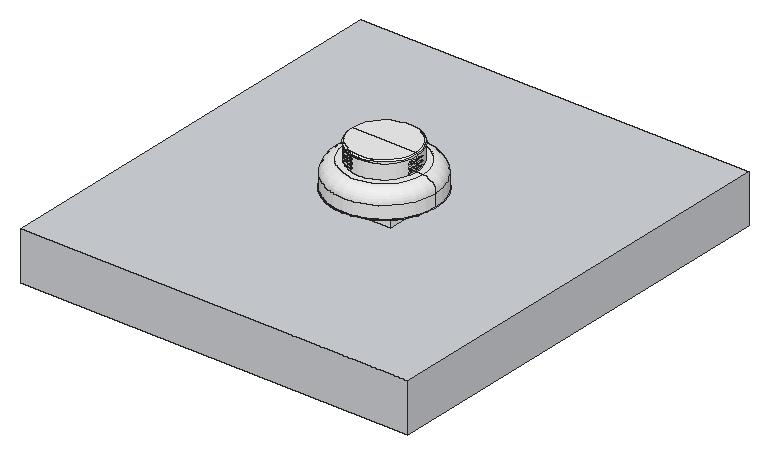
Revit family "Roof-Ventilator_VEDK_Direct-Drive_Carnes", category Mechanical Equipment, host Face, Revit 2012
Parameters (values of type "VEDK06")
  ecoScorecard_data = ""
  ecoScorecard Product Page = "http://ecoscorecard.com/"
  Warranty URL = "http://www.carnes.com/GeneralCatalogs/termcond.pdf"
  Warranty = ""
  Unit Weight (Less Motor) = "30 Lbs."
  Tip Speed = "2.75 x RPM"
  Roof Opening Sq. = 13"
  Roof Curb O.D. Sq. = 14"
  Housing Radius = Unit Diameter / 2  # 12 7/8"
  Unit Height Standard = 13 3/8"
  Unit Height Extended = 23 7/8"
  Unit Diameter = 25 3/4"
  Housing = Aluminum-Carnes-Spun-Brushed
  URL = "http://www.carnes.com/index.html"
  Subcategory = "Spun Aluminum Exhausters"  # constant formula
  Specifications URL = "http://www.carnes.com/Ventilation/pdf/22201.pdf"
  Product Page URL = "http://www.carnes.com/Ventilation/VEBK-VEDK.htm"
  Parts List URL = "http://www.carnes.com/Ventilation/pdf/22001.pdf"
  Model = "VEDK"
  Material = "Spun Aluminum"  # constant formula
  Manufacturer Phone = "608-845-6411"  # constant formula
  Manufacturer Fax = "608-845-6470"  # constant formula
  Manufacturer Email = "mailto:carnes@carnes.com"
  Manufacturer Address = "448 S. Main St., P. O. Box 930040, Verona, WI 53593-0040"  # constant formula
  Manufacturer = "Carnes Company"
  Inside Curb Cap = 15 1/2"
  IOM Instructions URL = "http://www.carnes.com/Ventilation/pdf/1401.pdf"
  E = 2 7/8"
  Description = "Centrifugal Roof Exhausters"  # constant formula
  Default Elevation = 0"
  Damper Size Sq. = 12"
  Cost Info = "mailto:carnes@carnes.com"
  Catalog URL = "http://www.carnes.com/Ventilation/pdf/C10-C44.pdf"
  Assembly Code = "D3040200"
  95 CSI = "15830"  # constant formula
  04 CSI = "23 34 23"  # constant formula
Reference planes (in)
  plane 1 "Center (Front/Back)": y = 0
  plane 2: z = 0.01382
  plane 3 "Center (Left/Right)": x = 0
  plane 4: x = -12.875
  plane 5: x = 12.875
  plane 6: z = 0.01382
  plane 7: x = 5.5
  plane 8: x = -5.5
  plane 9: x = -7.75
  plane 10: x = 7.75
  plane 11: z = 0.01382
  plane 12: z = 2.88882
  plane 13: z = 13.38882
  plane 14: x = 8
  plane 15: y = 0
  plane 16: through (0, 0, 48.01382) normal (0.866, -0.5, 0)
  plane 17: through (0, 0, 48.01382) normal (-0.866, -0.5, 0)
Forms (in)
  Extrusion 1, solid
    sketch origin (0, 0, 0.01382) x (1, 0, 0) y (0, 1, 0)
      loop
        line (-48, 52.75) -> (-48, -52.75) -> (48, -52.75) -> (48, 52.75) -> (-48, 52.75)
    from 0 to -12
  Revolve 2, solid, material "Aluminum-Carnes-Spun-Brushed" <- "Housing", detail levels fine
    sketch origin (-1.0625, 0, -5.34736) x (1, 0, 0) y (0, 0, 1)
      loop
        line (-11.625, 8.3314) -> (-11.8125, 8.3314) -> (-11.8125, 8.23618) -> (-11.625, 8.23618) -> (-11.5, 8.23618) -> (-11.5, 11.3453)
        arc (-11.5, 11.3453) -> (-10.63963, 13.42243) -> (-8.5625, 14.2828) r 2.9375
        line (-8.5625, 14.2828) -> (1.0625, 14.2828) -> (1.0625, 18.23618) -> (-6.9375, 18.23618) -> (-6.9375, 14.4078) -> (-8.5625, 14.4078)
        arc (-8.5625, 14.4078) -> (-10.72801, 13.51082) -> (-11.625, 11.3453) r 3.0625
        line (-11.625, 11.3453) -> (-11.625, 8.3314)
      axis (1.0625, 18.23618) -> (1.0625, 8.23618)
    angle from 0 to 360
  Revolve 3, solid, material "Aluminum-Carnes-Spun-Brushed" <- "Housing", detail levels fine
    sketch origin (0, 0, -5.34736) x (1, 0, 0) y (0, 0, 1)
      loop
        line (-8.14642, 18.10521) -> (-8.0019, 18.10521) -> (-8.0019, 18.23618) -> (0, 18.23618) -> (0, 18.73618) -> (-7.87781, 18.73618) -> (-8.14642, 18.46757) -> (-8.14642, 18.10521)
      axis (0, 18.73618) -> (0, 18.10521)
    angle from 0 to 360
  Extrusion 4, solid, material "Aluminum-Carnes-Spun-Brushed" <- "Housing", detail levels fine
    sketch origin (0, 0, 0.01382) x (0, -1, 0) y (1, 0, 0)
      loop
        line (-7.75, -7.75) -> (7.75, -7.75) -> (7.75, 7.75) -> (-7.75, 7.75) -> (-7.75, -7.75)
    from 2.875 to 0
  Sweep 5, solid, material "Aluminum-Carnes-Spun-Brushed" <- "Housing", detail levels fine
    path origin (0, 0, 0.01382) x (-0.5, 0.866025, 0) y (-0.866025, -0.5, 0)
      loop
        line (7.57187, 2.1741) -> (7.74597, 2)
        arc (7.74597, 2) -> (8, 0) -> (7.74597, -2) r 8
        line (7.74597, -2) -> (7.57187, -2.1741)
    profile origin (-4, 6.9282, 0.01382) x (-0.5, 0.866025, 0) y (0, 0, 1)
      loop
        line (-0.00184, 12.11483) -> (-0.00184, 11.78659) -> (0.02473, 11.64986)
        arc (0.02473, 11.64986) -> (0.06144, 11.6251) -> (0.0862, 11.6618) r 0.03131
        line (0.0862, 11.6618) -> (-0.00184, 12.11483)
      loop
        line (-0.00184, 11.10852) -> (-0.00184, 10.78028) -> (0.02473, 10.64355)
        arc (0.02473, 10.64355) -> (0.06144, 10.61879) -> (0.0862, 10.6555) r 0.03131
        line (0.0862, 10.6555) -> (-0.00184, 11.10852)
      loop
        line (-0.00184, 10.10221) -> (-0.00184, 9.77397) -> (0.02473, 9.63724)
        arc (0.02473, 9.63724) -> (0.06144, 9.61248) -> (0.0862, 9.64919) r 0.03131
        line (0.0862, 9.64919) -> (-0.00184, 10.10221)
  Sweep 6, solid, material "Aluminum-Carnes-Spun-Brushed" <- "Housing", detail levels fine
    path origin (0.00435, -0.01593, 0.01382) x (1, 0.000194, 0) y (-0.000194, 1, 0)
      loop
        line (7.56943, 2.1766) -> (7.74562, 2.00034)
        arc (7.74562, 2.00034) -> (7.99562, -0.00627) -> (7.73449, -2.01147) r 8
        line (7.73449, -2.01147) -> (7.56237, -2.18352)
    profile origin (7.99997, -0.02065, 0.01382) x (0.999997, -0.002581, 0) y (0, 0, 1)
      loop
        line (-0.00184, 12.11483) -> (-0.00184, 11.78659) -> (0.02473, 11.64986)
        arc (0.02473, 11.64986) -> (0.06144, 11.6251) -> (0.0862, 11.6618) r 0.03131
        line (0.0862, 11.6618) -> (-0.00184, 12.11483)
      loop
        line (-0.00184, 11.10852) -> (-0.00184, 10.78028) -> (0.02473, 10.64355)
        arc (0.02473, 10.64355) -> (0.06144, 10.61879) -> (0.0862, 10.6555) r 0.03131
        line (0.0862, 10.6555) -> (-0.00184, 11.10852)
      loop
        line (-0.00184, 10.10221) -> (-0.00184, 9.77397) -> (0.02473, 9.63724)
        arc (0.02473, 9.63724) -> (0.06144, 9.61248) -> (0.0862, 9.64919) r 0.03131
        line (0.0862, 9.64919) -> (-0.00184, 10.10221)
  Sweep 7, solid, material "Aluminum-Carnes-Spun-Brushed" <- "Housing", detail levels fine
    path origin (-0.00286, -0.00266, 0.01382) x (-0.499874, -0.866098, 0) y (0.866098, -0.499874, 0)
      loop
        line (7.55598, 2.18998) -> (7.74133, 2.00464)
        arc (7.74133, 2.00464) -> (7.99626, -0.00045) -> (7.74052, -2.00544) r 8
        line (7.74052, -2.00544) -> (7.55568, -2.19029)
    profile origin (-4.00038, -6.92799, 0.01382) x (-0.500047, -0.865998, 0) y (0, 0, 1)
      loop
        line (-0.00184, 12.11483) -> (-0.00184, 11.78659) -> (0.02473, 11.64986)
        arc (0.02473, 11.64986) -> (0.06144, 11.6251) -> (0.0862, 11.6618) r 0.03131
        line (0.0862, 11.6618) -> (-0.00184, 12.11483)
      loop
        line (-0.00184, 11.10852) -> (-0.00184, 10.78028) -> (0.02473, 10.64355)
        arc (0.02473, 10.64355) -> (0.06144, 10.61879) -> (0.0862, 10.6555) r 0.03131
        line (0.0862, 10.6555) -> (-0.00184, 11.10852)
      loop
        line (-0.00184, 10.10221) -> (-0.00184, 9.77397) -> (0.02473, 9.63724)
        arc (0.02473, 9.63724) -> (0.06144, 9.61248) -> (0.0862, 9.64919) r 0.03131
        line (0.0862, 9.64919) -> (-0.00184, 10.10221)
Lines and regions (in)
  model lines, detail levels coarse+medium
    curve 1: circle (0, 0, 0.01382) r 12.875 normal (0, 0, -1)
Dimensions and locks (in)
  "Unit Diameter": plane 4 to plane 5
  equal spacing: plane 4, plane 3 "Center (Left/Right)", plane 5
  equal spacing: plane 7, plane 3 "Center (Left/Right)", plane 8
  plane 7 to plane 8 = 11"
  "Inside Curb Cap": plane 10 to plane 9
  equal spacing: plane 10, plane 3 "Center (Left/Right)", plane 9
  locked: plane 11 to level
  "E": level to plane 12
  "Unit Height Standard": level to plane 13
  locked: Revolve 2 sketch curve to Revolve 2 sketch curve at 0.125
  Revolve 3 sketch curve to Revolve 3 sketch curve to Revolve 2 to Revolve 3 sketch curve = 0.26861" locked, 0.23139" locked, 0.13097" locked
  locked: Revolve 3 to plane 13 at 0.5
  Revolve 3 sketch curve to Revolve 3 sketch curve to Revolve 3 sketch curve = 0.12408" locked, 37/256" locked
  locked: plane 4 to Revolve 2 sketch curve at 4.875
  locked: Revolve 3 sketch curve to plane 4 at 4.72858
  equal spacing: Extrusion 4 sketch curve, plane 1 "Center (Front/Back)", Extrusion 4 sketch curve
  "Inside Curb Cap": Extrusion 4 sketch curve to Extrusion 4 sketch curve
  "Housing Radius": plane 3 "Center (Left/Right)" to Revolve 2 sketch curve
  plane 14 to plane 10 = 1/4"
  plane 14 to plane 5 = 4 7/8"
  locked: plane 13 to Sweep 5 sketch curve at 1.26017
  locked: Sweep 5 sketch curve to Sweep 5 sketch curve at 4
  Sweep 6 sketch curve to Sweep 6 sketch curve = 4.01182"
  Sweep 7 sketch curve to Sweep 7 sketch curve = 4.01008"
  locked: plane 13 to Sweep 7 sketch curve at 1.26017
  locked: Sweep 6 sketch curve to plane 13 at 1.26017
  locked: Sweep 6 sketch curve to Sweep 6 sketch curve at 0.24337
  locked: Sweep 6 sketch curve to Sweep 6 sketch curve at 0.24923
  locked: Sweep 5 sketch curve to Sweep 5 sketch curve at 0.24621  (x2)
  locked: Sweep 7 sketch curve to Sweep 7 sketch curve at 0.26212
  locked: Sweep 7 sketch curve to Sweep 7 sketch curve at 0.26141
  Revolve 2 sketch curve to Revolve 2 sketch curve to plane 12 = 1/8" locked, 6.04662" locked
  "Housing Radius": radius of curve 1
  locked: plane 17 to plane 16 (angle 120.00°)
  locked: plane 16 to plane 15 (angle 120.00°)
  locked: plane 15 to plane 17 (angle 120.00°)
  aligned and locked: plane 2 to Extrusion 1
  aligned and locked: level to Extrusion 1
  aligned and locked: level to plane 6
  aligned and locked: Extrusion 4 to level
  aligned and locked: Extrusion 4 to plane 12
  aligned and locked: plane 14 to Revolve 2
  aligned and locked: Sweep 5 sketch curve to Revolve 2
  aligned and locked: Sweep 7 sketch curve to Revolve 2
  aligned and locked: Sweep 6 sketch curve to Revolve 2
Automatic sketch dimensions
  Extrusion 1 sketch curve to Extrusion 1 sketch curve = 96"
  Extrusion 1 sketch curve to Extrusion 1 sketch curve = 105 1/2"
  Revolve 2 sketch curve to Revolve 2 sketch curve = 0"  (x2)
  Revolve 2 sketch curve to plane 12 = 0"
  Revolve 2 sketch curve to plane 3 "Center (Left/Right)" = 0"  (x2)
  Revolve 2 sketch curve to Revolve 2 sketch curve = 3/16"
  Revolve 2 sketch curve to plane 9 = 1 7/8"
  Revolve 2 sketch curve to plane 12 = 0.09521"
  Revolve 2 sketch curve to plane 12 = 2"
  Revolve 2 sketch curve to Revolve 2 sketch curve = 1 1/4"
  plane 13 to Revolve 2 sketch curve = 1/2"
  Revolve 3 sketch curve to plane 3 "Center (Left/Right)" = 0"  (x2)
  Revolve 3 sketch curve to Revolve 3 sketch curve = 8.00597"
  Revolve 3 sketch curve to plane 12 = 2.61903"
  Revolve 3 sketch curve to Revolve 3 sketch curve = 0.13097"
  Extrusion 4 sketch curve to plane 9 = 0"
  Extrusion 4 sketch curve to plane 10 = 0"
  profile plane to Sweep 5 sketch curve = 0.00184"  (x3)
  Sweep 5 sketch curve to profile plane = 0.02473"  (x3)
  Sweep 5 sketch curve to Sweep 5 sketch curve = 0.03073"  (x6)
  Sweep 5 sketch curve to Sweep 5 sketch curve = 0.32824"  (x3)
  Sweep 5 sketch curve to Sweep 5 sketch curve = 0.12478"  (x3)
  Sweep 5 sketch curve to Sweep 5 sketch curve = 0.00597"  (x3)
  Sweep 5 sketch curve to Sweep 5 sketch curve = 0.54134"  (x2)
  profile plane to Sweep 6 sketch curve = 0.00184"  (x3)
  Sweep 6 sketch curve to profile plane = 0.02473"  (x3)
  Sweep 6 sketch curve to Sweep 6 sketch curve = 0.03073"  (x6)
  Sweep 6 sketch curve to Sweep 6 sketch curve = 0.00597"  (x3)
  Sweep 6 sketch curve to Sweep 6 sketch curve = 35/256"  (x3)
  Sweep 6 sketch curve to Sweep 6 sketch curve = 0.32824"  (x3)
  Sweep 6 sketch curve to Sweep 6 sketch curve = 0.54134"  (x2)
  profile plane to Sweep 7 sketch curve = 0.00184"  (x3)
  Sweep 7 sketch curve to profile plane = 0.02473"  (x3)
  Sweep 7 sketch curve to Sweep 7 sketch curve = 0.03073"  (x6)
  Sweep 7 sketch curve to Sweep 7 sketch curve = 0.00597"  (x3)
  Sweep 7 sketch curve to Sweep 7 sketch curve = 35/256"  (x3)
  Sweep 7 sketch curve to Sweep 7 sketch curve = 0.32824"  (x3)
  Sweep 7 sketch curve to Sweep 7 sketch curve = 0.54134"  (x2)
  Sweep 7 sketch curve to Sweep 7 sketch curve = 0.0003"
  Sweep 7 sketch curve to Sweep 7 sketch curve = 0.18484"
  Sweep 7 sketch curve to Sweep 7 sketch curve = 0.18534"
  Sweep 5 sketch curve to plane 17 = 2.1741"
  Sweep 5 sketch curve to Sweep 5 sketch curve = 0"
  plane 17 to Sweep 5 sketch curve = 2"
  Sweep 6 sketch curve to Sweep 6 sketch curve = 0.00706"
  Sweep 6 sketch curve to Sweep 6 sketch curve = 0.1762"
  Sweep 6 sketch curve to Sweep 6 sketch curve = 0.17206"
  plane 1 "Center (Front/Back)" to curve 1 = 0"
  curve 1 to plane 3 "Center (Left/Right)" = 0"
